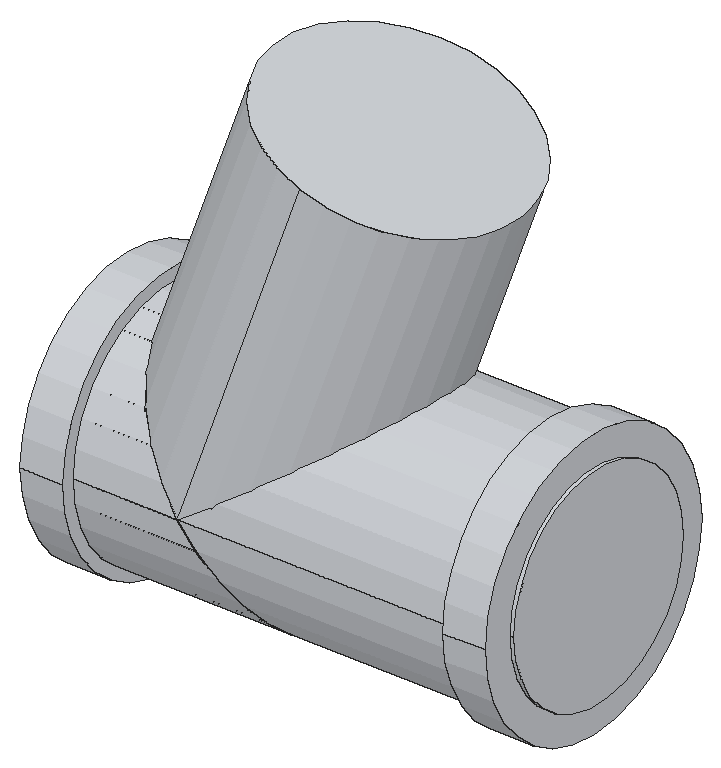
Revit family "447-DN200-RFA_2019", category Pipe Accessories, Revit 2019
Family settings
  Round Connector Dimension = Use Diameter
  Part Type = Valve - Breaks Into
  Work Plane-Based = No
  Always vertical = Yes
  Cut with Voids When Loaded = No
  Shared = No
Parameters (values of type "447-DN200")
  magiProductId = "e1019e6fc9b647ceac6d31797e2f53"
  magiProductFamilyId = "b72cb932c1b3471491e3d369876ba1"
  magiPartTypeId = 304
  isMeasuringValve [instance] = no
  ang2D [instance] = 0.00°
  X2 = 155.411 mm
  X1 = 84 mm
  W2D = 100 mm
  VersionID = "2.0/2017.9.26.1/ZETKAMA_447_001"
  Use Minimum Symbol Size [instance] = yes
  URL = "http://www.hydronix.cz"
  Type Comments = "přírubový; PN16; -10~+120°C"
  S = 266 mm
  QmdConnectorList = "301;D;302;D"
  Productdata [instance] = ""
  Manufacturer = "Hydronix"
  MC Product Code = "447 200 (DN200; PN16 kvs710)"
  MC Piping Given Pressure Drop [instance] = 0.0 Pa
  LM1 = 48 mm
  LM = 480 mm
  L2D_Min = 3048 mm
  L2D = 350 mm
  L2 = 300 mm
  HH1 = 426.987 mm
  FD = 340 mm
  Description = "Ruční vyvažovací ventil přírubový; DN200; PN16; kvs710"
  DT = 310 mm
  D = 200 mm
  CC = 6 mm
  CAT0 = yes
  C1 = 54 mm
  C = 60 mm
Types (10, lengths in mm): name | magiProductId | X2 | X1 | S | MC Product Code | LM1 | LM | L2 | HH1 | FD | Description | DT | D | CC | C1 | C
  447-DN100 | "98b46d48787042dd9a812fc0797c69" | 79.261 | 49 | 156 | "447 100 (DN100; PN16 kvs184,7)" | 28 | 280 | 175 | 217.769 | 220 | "Ruční vyvažovací ventil přírubový; DN100; PN16; kvs184,7" | 130 | 100 | 3.5 | 31.5 | 35
  447-DN125 | "02b47ccb17f74d08923d86f3fe118e" | 86.541 | 56 | 184 | "447 125 (DN125; PN16 kvs285,1)" | 32 | 320 | 200 | 237.769 | 250 | "Ruční vyvažovací ventil přírubový; DN125; PN16; kvs285,1" | 130 | 125 | 4 | 36 | 40
  447-DN150 | "7f7b5672e2b748ca8839732ddacd1d" | 95.64 | 67.2 | 211 | "447 150 (DN150; PN16 kvs390,2)" | 38.4 | 384 | 240 | 262.769 | 285 | "Ruční vyvažovací ventil přírubový; DN150; PN16; kvs390,2" | 130 | 150 | 4.8 | 43.2 | 48
  447-DN200 | "e1019e6fc9b647ceac6d31797e2f53" | 155.411 | 84 | 266 | "447 200 (DN200; PN16 kvs710)" | 48 | 480 | 300 | 426.987 | 340 | "Ruční vyvažovací ventil přírubový; DN200; PN16; kvs710" | 310 | 200 | 6 | 54 | 60
  447-DN250 | "a0eac83e29f84220b7ba68901aa49e" | 171.789 | 102.2 | 319 | "447 250 (DN250; PN16 kvs1188)" | 58.4 | 584 | 365 | 471.987 | 405 | "Ruční vyvažovací ventil přírubový; DN250; PN16; kvs1188" | 310 | 250 | 7.3 | 65.7 | 73
  447-DN300 | "476300b2e87f4f20bd49d272c44436" | 175.429 | 119 | 370 | "447 300 (DN300; PN16 kvs1504)" | 68 | 680 | 425 | 481.987 | 460 | "Ruční vyvažovací ventil přírubový; DN300; PN16; kvs1504" | 310 | 300 | 8.5 | 76.5 | 85
  447-DN040 | "1b02107dafeb4f5588628c478854c2" | 42.71 | 28 | 84 | "447 040 (DN40; PN16 kvs22,36)" | 16 | 160 | 100 | 117.345 | 150 | "Ruční vyvažovací ventil přírubový; DN40; PN16; kvs22,36" | 74 | 40 | 2 | 18 | 20
  447-DN050 | "5ed7087ff739473a8b86e2dbbe5062" | 42.71 | 32.2 | 99 | "447 050 (DN50; PN16 kvs32,15)" | 18.4 | 184 | 115 | 117.345 | 165 | "Ruční vyvažovací ventil přírubový; DN50; PN16; kvs32,15" | 74 | 50 | 2.3 | 20.7 | 23
  447-DN065 | "bd77367604f142d88050bf73c88c7b" | 71.982 | 40.6 | 118 | "447 065 (DN65; PN16 kvs88,8)" | 23.2 | 232 | 145 | 197.769 | 185 | "Ruční vyvažovací ventil přírubový; DN65; PN16; kvs88,8" | 130 | 65 | 2.9 | 26.1 | 29
  447-DN080 | "7399fcf493614c92ad9035a8ac3adf" | 71.982 | 43.4 | 132 | "447 080 (DN80; PN16 kvs113,4)" | 24.8 | 248 | 155 | 197.769 | 200 | "Ruční vyvažovací ventil přírubový; DN80; PN16; kvs113,4" | 130 | 80 | 3.1 | 27.9 | 31
Reference planes
  plane 1 "Center (Front/Back)": y = 0
  plane 2 "XYPLANE": z = 0
  plane 3 "Center (Left/Right)": x = 0
  plane 4 "110": x = 47.411
  plane 5 "109": z = 426.987
  plane 6 "108": x = -108
  plane 7 "107": x = 294
  plane 8 "106": x = -294
  plane 9 "105": z = 0
  plane 10 "104": y = 0
  plane 11 "103": x = -300
  plane 12 "102": x = 300
  plane 13 "100": x = -240
  plane 14 "99": x = 240
  plane 15 "98": x = -192
Forms (mm)
  Extrusion 1, solid, visible <- "CAT0"
    sketch origin (-240, -750, 0) x (0, 1, 0) y (0, 0, 1)
      loop
        circle (750, 0) r 155
    from 0 to 480 <- "LM"
  Sweep 2, solid, visible <- "CAT0"
    path origin (750, 0, 0) x (-1, 0, 0) y (0, 0, 1)
      loop
        line (990, 0) -> (858, 0) -> (702.589, 426.987)
    profile origin (-240, 0, 0) x (0, 0, -1) y (0, 1, 0)
      loop
        circle (0, 0) r 155
  Extrusion 3, solid
    sketch origin (294, -750, 0) x (0, 1, 0) y (0, 0, 1)
      loop
        circle (750, 0) r 133
    from 0 to 6 <- "CC"
  Extrusion 4, solid
    sketch origin (240, -750, 0) x (0, 1, 0) y (0, 0, 1)
      loop
        circle (750, 0) r 170
    from 0 to 54 <- "C1"
  Extrusion 5, solid
    sketch origin (-294, -750, 0) x (0, 1, 0) y (0, 0, 1)
      loop
        circle (750, 0) r 170
    from 0 to 54 <- "C1"
  Extrusion 6, solid
    sketch origin (-300, -750, 0) x (0, 1, 0) y (0, 0, 1)
      loop
        circle (750, 0) r 133
    from 0 to 6 <- "CC"
  Extrusion 7, solid, not visible
    sketch origin (-300, -750, 0) x (0, 1, 0) y (0, 0, 1)
      loop
        circle (750, 0) r 10
    from 0 to 10
  Extrusion 8, solid, not visible
    sketch origin (300, -750, 0) x (0, 1, 0) y (0, 0, 1)
      loop
        circle (750, 0) r 10
    from 0 to -10
Lines and regions (mm)
  reference lines, not visible
    curve 1: circle (2, 2, 0) r 1 normal (0, 0, 1)
Dimensions and locks
  plane 1 "Center (Front/Back)" to curve 1 = 2 mm
  "X2": plane 6 "108" to plane 4 "110"
  "HH1": plane 2 "XYPLANE" to plane 5 "109"
  "X1": plane 15 "98" to plane 6 "108"
  "C1": plane 14 "99" to plane 7 "107"
  "CC": plane 11 "103" to plane 8 "106"
  locked: plane 2 "XYPLANE" to plane 9 "105"
  locked: plane 1 "Center (Front/Back)" to plane 10 "104"
  "L2": plane 3 "Center (Left/Right)" to plane 11 "103"
  "L2": plane 3 "Center (Left/Right)" to plane 12 "102"
  "C": plane 11 "103" to plane 13 "100"
  "LM": plane 13 "100" to plane 14 "99"
  "LM1": plane 13 "100" to plane 15 "98"
  Sweep 2 sketch curve to Sweep 2 sketch curve = 0 mm  (x2)
  "DT": diameter of Extrusion 1 sketch curve
  "DT": diameter of Sweep 2 sketch curve
  "S": diameter of Extrusion 3 sketch curve
  "FD": diameter of Extrusion 4 sketch curve
  "FD": diameter of Extrusion 5 sketch curve
  "S": diameter of Extrusion 6 sketch curve
  aligned and locked: level to plane 2 "XYPLANE"
  aligned and locked: plane 9 "105" to Extrusion 1 sketch curve
  aligned and locked: Extrusion 1 sketch curve to plane 10 "104"
  aligned and locked: plane 9 "105" to Sweep 2 sketch curve  (x3)
  aligned and locked: Sweep 2 sketch curve to plane 10 "104"
  aligned and locked: plane 13 "100" to Sweep 2 sketch curve
  aligned and locked: plane 6 "108" to Sweep 2 sketch curve
  aligned and locked: plane 4 "110" to Sweep 2 sketch curve
  aligned and locked: plane 5 "109" to Sweep 2 sketch curve
  aligned and locked: plane 9 "105" to Extrusion 3 sketch curve
  aligned and locked: Extrusion 3 sketch curve to plane 10 "104"
  aligned and locked: plane 9 "105" to Extrusion 4 sketch curve
  aligned and locked: Extrusion 4 sketch curve to plane 10 "104"
  aligned and locked: plane 9 "105" to Extrusion 5 sketch curve
  aligned and locked: Extrusion 5 sketch curve to plane 10 "104"
  aligned and locked: plane 9 "105" to Extrusion 6 sketch curve
  aligned and locked: Extrusion 6 sketch curve to plane 10 "104"
  aligned and locked: plane 9 "105" to Extrusion 7 sketch curve
  aligned and locked: Extrusion 7 sketch curve to plane 10 "104"
  aligned and locked: plane 9 "105" to Extrusion 8 sketch curve
  aligned and locked: Extrusion 8 sketch curve to plane 10 "104"
Automatic sketch dimensions
  plane 1 "Center (Front/Back)" to Extrusion 7 sketch curve = 10 mm
  plane 1 "Center (Front/Back)" to Extrusion 8 sketch curve = 10 mm
  plane 3 "Center (Left/Right)" to curve 1 = 2 mm
  radius of curve 1 = 1 mm
Connectors
  piping at (-300, 0, 0), diameter 200, driven by "D"
    settings: on Extrusion 7, index 1, connector inside diameter 609.6 mm, connector length 0 mm, flow factor 0, pipe flow 0.0 L/s, pressure drop 0.0 Pa, fitting loss kfactor 0, connector angle 0.00°, fixture units 0, engagement length 0 mm, angle of deflection 0.00°, flow configuration 0, flow direction 0, fitting loss method 0, system type 29, joint type 0, gender type 0, connector reference index 2, connector utility 0, adjustable connector no, is connector primary yes, connector description ""
  piping at (300, 0, 0), diameter 200, driven by "D"
    settings: on Extrusion 8, index 2, connector inside diameter 609.6 mm, connector length 0 mm, flow factor 0, pipe flow 0.0 L/s, pressure drop 0.0 Pa, fitting loss kfactor 0, connector angle 0.00°, fixture units 0, engagement length 0 mm, angle of deflection 0.00°, flow configuration 0, flow direction 0, fitting loss method 0, system type 29, joint type 0, gender type 0, connector reference index 1, connector utility 0, adjustable connector no, is connector primary no, connector description ""
